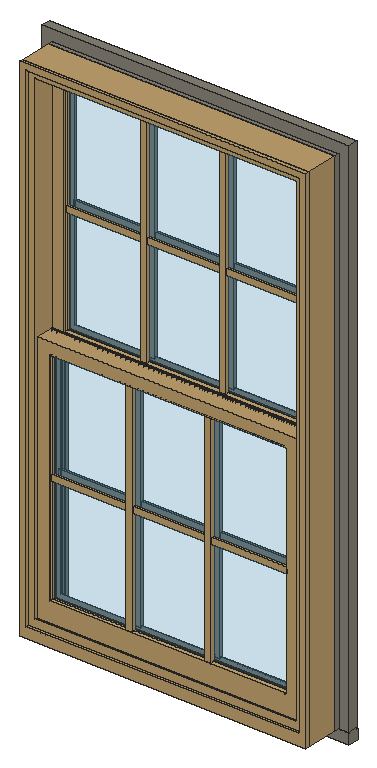
Revit family
Parameters (values of type "CUSH-NG3028")
  Window Type = "Clad Ultimate Single Hung-NG"
  Void Offset_S = if(Subsill A217 Visibility, 0' 1 11/32", if(Subsill A246 Visibility, 0' 0 9/16", 0' 0"))  # 0' - 1 11/32"
  Void Offset = if(Flat Casing Visibility, 0' 3", if(BMC Visibility, 0' 1 5/16", 0' 0"))  # 0' - 1 5/16"
  URL = "www.marvin.com"
  Subsill Height = if(Subsill A217 Visibility, 0' 1 11/32", 0' 0 9/16")  # 0' - 1 11/32"
  Subsill A246 Visibility = and(Subsill Visibility, Subsill A246)  # no
  Subsill A217 Visibility = and(Subsill Visibility, Subsill A217)  # yes
  Rough Width = Width + 0' 1"  # 3' - 0 1/4"
  Rough Height = Height + 0' 0 1/2"  # 5' - 4"
  Prairie Corner Width = 0' - 4"
  Prairie Corner Height = 0' - 4"
  Nominal Width = 3' - 0"
  Nominal Height = 5' - 4"
  Muntins Interior Top Sash = yes
  Muntins Interior Material = Wood-Marvin-Pine
  Muntins Interior Bottom Sash = yes
  Muntins Exterior Top Sash = yes
  Muntins Exterior Material = Aluminum-Marvin-Bronze
  Muntins Exterior Bottom Sash = yes
  Model = "CUSH-NG3028"
  Manufacturer = "Marvin Windows and Doors"
  Lites Wide Top Sash = 3
  Lites Wide Bottom Sash = 3
  Lites High Top Sash = 2
  Lites High Bottom Sash = 2
  Lite Cut Prairie 9 = no
  Lite Cut HV Grid = not(Lite Cut Prairie 9)  # yes
  Interior Material = Wood-Marvin-Pine
  Frame = "Aluminum Clad"
  Flat Casing Visibility = and(Casing Visibility, Flat Casing)  # no
  Egress Window = "Yes"
  Egress Area = Clear Opening Width * Clear Opening Height  # 5.85311 SF
  Clear Opening Width = DLO Width + 0' 2 29/32"  # 2' - 7 21/32"
  Clear Opening Height = if(and(Nominal Width > 4' 6", Nominal Height > 6' 0"), DLO Height - 0' 1 11/16", if(and(Nominal Width > 4' 6", Nominal Height > 3' 4"), DLO Height - 0' 0 3/8", if(Nominal Width > 4' 6", DLO Height - 0' 0 1/8", if(and(Nominal Width > 4' 2", Nominal Height > 6' 8"), DLO Height - 0' 1 11/16", if(and(Nominal Width > 4' 2", Nominal Height > 3' 8"), DLO Height - 0' 0 3/8", if(Nominal Width > 4' 2", DLO Height - 0' 0 1/8", if(and(Nominal Width > 3' 10", Nominal Height > 7' 4"), DLO Height - 0' 1 11/16", if(and(Nominal Width > 3' 10", Nominal Height > 4' 0"), DLO Height - 0' 0 3/8", if(Nominal Width > 3' 10", DLO Height - 0' 0 1/8", if(and(Nominal Width > 3' 6", Nominal Height > 7' 8"), DLO Height - 0' 1 11/16", if(and(Nominal Width > 3' 6", Nominal Height > 4' 8"), DLO Height - 0' 0 3/8", if(Nominal Width > 3' 6", DLO Height - 0' 0 1/8", if(and(Nominal Width > 3' 2", Nominal Height > 7' 8"), DLO Height - 0' 1 11/16", if(and(Nominal Width > 3' 2", Nominal Height > 5' 0"), DLO Height - 0' 0 3/8", if(Nominal Width > 3' 2", DLO Height - 0' 0 1/8", if(and(Nominal Width > 3' 0", Nominal Height > 9' 0"), DLO Height - 0' 1 11/16", if(and(Nominal Width > 3' 0", Nominal Height > 5' 8"), DLO Height - 0' 0 3/8", if(Nominal Width > 3' 0", DLO Height - 0' 0 1/8", if(and(Nominal Width > 2' 10", Nominal Height > 6' 0"), DLO Height - 0' 0 3/8", if(Nominal Width > 2' 10", DLO Height - 0' 0 1/8", if(and(Nominal Width > 2' 8", Nominal Height > 6' 4"), DLO Height - 0' 0 3/8", if(Nominal Width > 2' 8", DLO Height - 0' 0 1/8", if(and(Nominal Width > 2' 6", Nominal Height > 6' 8"), DLO Height - 0' 0 3/8", if(Nominal Width > 2' 6", DLO Height - 0' 0 1/8", if(and(Nominal Width > 2' 2", Nominal Height > 7' 4"), DLO Height - 0' 0 3/8", if(Nominal Width > 2' 2", DLO Height - 0' 0 1/8", if(and(Nominal Width > 1' 10", Nominal Height > 7' 8"), DLO Height - 0' 0 3/8", DLO Height - 0' 0 1/8")))))))))))))))))))))))))))  # 2' - 2 5/8"
  Cladding Material = Aluminum-Marvin-Bronze
  Casing Visibility = yes
  BMC Visibility = and(Casing Visibility, BMC)  # yes
  BMC = yes
  Flat Casing = not(BMC)  # no
  Subsill Visibility = yes
  Subsill A246 = no
  Subsill A217 = not(Subsill A246)  # yes
  Label Visibility = no
  Label Egress = if(and(and(Clear Opening Width > 1' 8", Clear Opening Height > 2' 0"), Egress Area > 5.70 SF), "EGRESS WDW", "")  # "EGRESS WDW"
  Jamb Extension Visibility = yes
  Inset to Installation Flange [instance] = 0' - 1"
  Height = Nominal Height - 0' 0 1/2"  # 5' - 3 1/2"
  Glazing Material = Glass-Marvin-IG Low E II with Argon
  Glass Type = "IG Low E II with Argon"
  Family created by = "www.rbuiltcomponents.com"
  Design Pressure = "DP50"
  Description = "3028 SNGHG"
  Default Head Height = 8' - 0"
  Wall Closure = (empty or 0)
  Width = Nominal Width - 0' 0 3/4"  # 2' - 11 1/4"
  Daylight Area = DLO Width * DLO Height * 2  # 10.6814 SF
  DLO Width = Width - 0' 6 1/2"  # 2' - 4 3/4"
  DLO Height = (Height - 0' 10") / 2  # 2' - 2 3/4"
  Assembly Code = ""
Reference planes (in)
  plane 1 "Center (Front/Back)": y = 0
  plane 2: z = 0
  plane 3 "Center (Left/Right)": x = 0
  plane 4 "Left": x = -17.625
  plane 5 "Right": x = 17.625
  plane 6 "Sill": z = 32.5
  plane 7 "Top": z = 96
  plane 8 "Inset": y = 2
  plane 9 "Glazing 1": y = 1.4375
  plane 10 "Glazing 2": y = -0.8125
  plane 11 "Jamb Ext Face": y = -2.5625
  plane 12: z = 92.78125
  plane 13: x = 14.375
  plane 14: x = -14.375
  plane 15: z = 37.34375
  plane 16: z = 65.0625
  plane 17: z = 66.03125
  plane 18: z = 64.09375
  plane 19: y = -2.59375
  plane 20 "Void Offset": z = 97.3125
  plane 21 "Void Offset Sill": z = 31.15625
  plane 22: x = 18.9375
  plane 23: x = -18.9375
  plane 24: y = 0.46875
  plane 25: y = -1.78125
Forms (in)
  Sweep 1, solid, material "Aluminum-Marvin-Bronze" <- "Cladding Material"
    path origin (0, -0.8125, 0) x (1, 0, 0) y (0, 0, 1)
      loop
        line (17.03125, 32.5) -> (-17.03125, 32.5)
    profile "Clad Sill : Clad Sill" origin (0, -0.8125, 32.5) x (0, 0, -1) y (0, -1, 0)
      loop
        line (0, 0) -> (-1.56284, 0) -> (-0.80316, -3.04687) -> (-0.72218, -3.04687) -> (-0.59375, -3.90625) -> (0, -3.90625) -> (0, 0)
  Sweep 2, solid, material "Aluminum-Marvin-Bronze" <- "Cladding Material"
    path origin (0, 1.4375, 0) x (1, 0, 0) y (0, 0, 1)
      loop
        line (-17.625, 32.5) -> (-17.625, 96) -> (17.625, 96) -> (17.625, 32.5)
    profile "Clad Frame : Clad Frame" origin (-17.625, 1.4375, 64.25) x (-1, 0, 0) y (0, -1, 0)
      loop
        line (0, -1.65625) -> (0, 0) -> (-1.5, 0) -> (-1.5, -0.4375) -> (-1.78125, -0.4375) -> (-1.78125, -0.78125) -> (-0.9375, -0.78125) -> (-0.9375, -1.1875) -> (-0.66381, -1.1875) -> (-0.59375, -1.65625) -> (0, -1.65625)
  Sweep 3, solid, material "Wood-Marvin-Pine" <- "Interior Material"
    path origin (0, -0.8125, 0) x (1, 0, 0) y (0, 0, 1)
      loop
        line (16.125, 32.5) -> (-16.125, 32.5)
    profile "Sill interior : Sill interior" origin (0, -0.8125, 32.5) x (0, 0, -1) y (0, -1, 0)
      loop
        line (0, 0) -> (0, 1.75) -> (-2.22769, 1.75) -> (-2.22769, 1.5) -> (-1.6875, 1.5) -> (-1.6875, 0.5) -> (-1.56284, 0) -> (0, 0)
  Sweep 4, solid, material "Aluminum-Marvin-Bronze" <- "Cladding Material"
    path origin (0, 1.4375, 0) x (1, 0, 0) y (0, 0, 1)
      loop
        line (-14.375, 92.78125) -> (-14.375, 66.03125) -> (14.375, 66.03125) -> (14.375, 92.78125) -> (-14.375, 92.78125)
    profile "Clad Sash : Clad Sash" origin (-14.375, 1.4375, 79.40625) x (1, 0, 0) y (0, -1, 0)
      loop
        line (-1.65625, 0) -> (-1.65625, -0.34375) -> (-0.1875, -0.34375) -> (-0.1875, -0.19262) -> (0, -0.03595) -> (0, 0) -> (-1.65625, 0)
  Sweep 5, solid, material "Wood-Marvin-Pine" <- "Interior Material"
    path origin (0, 1.4375, 0) x (1, 0, 0) y (0, 0, 1)
      loop
        line (-14.375, 66.03125) -> (14.375, 66.03125) -> (14.375, 92.78125) -> (-14.375, 92.78125) -> (-14.375, 66.03125)
    profile "Sash 2 : Sash 2" origin (-14.375, 1.4375, 79.40625) x (-1, 0, 0) y (0, -1, 0)
      loop
        line (1.65625, 1.40625) -> (0.21901, 1.40625) -> (0.21901, 1.33933) -> (0, 1.12032) -> (0, 0.96875) -> (0.75, 0.96875) -> (0.75, 0) -> (1.65625, 0) -> (1.65625, 1.40625)
  Sweep 6, solid, material "Wood-Marvin-Pine" <- "Interior Material"
    path origin (0, -0.8125, 0) x (1, 0, 0) y (0, 0, 1)
      loop
        line (-14.375, 37.34375) -> (14.375, 37.34375) -> (14.375, 64.09375) -> (-14.375, 64.09375) -> (-14.375, 37.34375)
    profile "Sash 2 : Sash 2" origin (-14.375, -0.8125, 50.71875) x (-1, 0, 0) y (0, -1, 0)
      loop
        line (1.65625, 1.40625) -> (0.21901, 1.40625) -> (0.21901, 1.33933) -> (0, 1.12032) -> (0, 0.96875) -> (0.75, 0.96875) -> (0.75, 0) -> (1.65625, 0) -> (1.65625, 1.40625)
  Sweep 7, solid, material "Aluminum-Marvin-Bronze" <- "Cladding Material"
    path origin (0, -0.8125, 0) x (1, 0, 0) y (0, 0, 1)
      loop
        line (-14.375, 37.34375) -> (14.375, 37.34375) -> (14.375, 64.09375) -> (-14.375, 64.09375) -> (-14.375, 37.34375)
    profile "Clad Sash : Clad Sash" origin (-14.375, -0.8125, 50.71875) x (-1, 0, 0) y (0, -1, 0)
      loop
        line (1.65625, 0) -> (0, 0) -> (0, -0.03595) -> (0.1875, -0.19262) -> (0.1875, -0.34375) -> (1.65625, -0.34375) -> (1.65625, 0)
  Sweep 8, solid, material "Aluminum-Marvin-Bronze" <- "Cladding Material"
    path in 3D
      loop
        line (16.03125, -0.46875, 35.6875) -> (-16.03125, -0.46875, 35.6875)
    profile "Clad Sash bottom ext : Clad Sash bottom ext" origin (0, -0.46875, 35.6875) x (0, 1, 0) y (0, 0, -1)
      loop
        line (-0.34375, 1.28125) -> (-0.34375, 0) -> (0, 0) -> (0, 1.62985) -> (-0.25, 1.56752) -> (-0.25, 1.28125) -> (-0.34375, 1.28125)
  Sweep 9, solid, material "Wood-Marvin-Pine" <- "Interior Material"
    path in 3D
      loop
        line (16.03125, -0.8125, 35.6875) -> (-16.03125, -0.8125, 35.6875)
    profile "Sash bottom ext : Sash bottom ext" origin (0, -0.8125, 35.6875) x (0, 1, 0) y (0, 0, -1)
      loop
        line (-1.40625, 1.28125) -> (-1.40625, 0) -> (0, 0) -> (0, 1.28125) -> (-1.40625, 1.28125)
  Sweep 10, solid, material "Aluminum-Marvin-Bronze" <- "Cladding Material"
    path in 3D
      loop
        line (16.03125, 0.03125, 64.375) -> (-16.03125, 0.03125, 64.375)
    profile "Clad Checkrail : Clad Checkrail" origin (0, 0.03125, 64.375) x (0, 1, 0) y (0, 0, -1)
      loop
        line (-0.39063, -0.4375) -> (0, -0.4375) -> (0, 0) -> (1.75, 0) -> (1.75, 0.09375) -> (-0.39063, 0.09375) -> (-0.39063, -0.4375)
  Sweep 11, solid, material "Wood-Marvin-Pine" <- "Interior Material"
    path in 3D
      loop
        line (-16.03125, -0.46875, 65.75) -> (16.03125, -0.46875, 65.75)
    profile "Checkrail Inner : Checkrail Inner" origin (0, -0.46875, 65.75) x (0, 1, 0) y (0, 0, 1)
      loop
        line (0, -0.9375) -> (0.5, -0.9375) -> (0.5, 0.0625) -> (0.375, 0.0625) -> (0.375, 0) -> (0.28125, 0) -> (0.28125, 0.0625) -> (-1.75, 0.0625) -> (-1.75, 0) -> (0, 0) -> (0, -0.9375)
  Extrusion 12, solid, material "Wood-Marvin-Pine" <- "Interior Material"
    sketch origin (0, 1.4375, 0) x (1, 0, 0) y (0, 0, 1)
      loop
        line (17.625, 32.5) -> (17.625, 96) -> (-17.625, 96) -> (-17.625, 32.5) -> (-16.125, 32.5) -> (-16.125, 94.5) -> (16.125, 94.5) -> (16.125, 32.5) -> (17.625, 32.5)
    from 0 to 4
  Extrusion 13, solid, material "Glass-Marvin-IG Low E II with Argon" <- "Glazing Material"
    sketch origin (0, 1.4375, 0) x (1, 0, 0) y (0, 0, 1)
      loop
        line (14.875, 93.28125) -> (-14.875, 93.28125) -> (-14.875, 65.53125) -> (14.875, 65.53125) -> (14.875, 93.28125)
    from 0 to 0.15625
  Extrusion 14, solid, material "Glass-Marvin-IG Low E II with Argon" <- "Glazing Material"
    sketch origin (0, 1.4375, 0) x (1, 0, 0) y (0, 0, 1)
      loop
        line (14.875, 93.28125) -> (-14.875, 93.28125) -> (-14.875, 65.53125) -> (14.875, 65.53125) -> (14.875, 93.28125)
    from 0.8125 to 0.96875
  Extrusion 15, solid, material "Glass-Marvin-IG Low E II with Argon" <- "Glazing Material"
    sketch origin (0, -0.8125, 0) x (1, 0, 0) y (0, 0, 1)
      loop
        line (14.875, 64.59375) -> (-14.875, 64.59375) -> (-14.875, 36.84375) -> (14.875, 36.84375) -> (14.875, 64.59375)
    from 0 to 0.15625
  Extrusion 16, solid, material "Glass-Marvin-IG Low E II with Argon" <- "Glazing Material"
    sketch origin (0, -0.8125, 0) x (1, 0, 0) y (0, 0, 1)
      loop
        line (14.875, 64.59375) -> (-14.875, 64.59375) -> (-14.875, 36.84375) -> (14.875, 36.84375) -> (14.875, 64.59375)
    from 0.8125 to 0.96875
  Extrusion 17, solid, material "Wood-Marvin-Pine" <- "Interior Material", visible <- "Jamb Extension Visibility", detail levels medium+fine
    sketch origin (0, -2.3125, 0) x (1, 0, 0) y (0, 0, 1)
      loop
        line (-17.625, 96) -> (-17.625, 32.5) -> (17.625, 32.5) -> (17.625, 96) -> (-17.625, 96)
      loop
        line (-16.9375, 95.3125) -> (-16.9375, 33.8125) -> (16.9375, 33.8125) -> (16.9375, 95.3125) -> (-16.9375, 95.3125)
    from 0.28125 to 0.6875
  Extrusion 18, solid, material "Aluminum-Marvin-Bronze" <- "Cladding Material"
    sketch origin (0, 1.4375, 0) x (1, 0, 0) y (0, 0, 1)
      loop
        line (16.125, 65.0625) -> (16.07181, 65.0625) -> (16.07181, 33.24956) -> (16.125, 33.24956) -> (16.125, 65.0625)
      loop
        line (-16.125, 65.0625) -> (-16.125, 33.24956) -> (-16.07181, 33.24956) -> (-16.07181, 65.0625) -> (-16.125, 65.0625)
    from 0 to 2.25
  Extrusion 19, void
    sketch origin (0, 0, 32.5) x (0, -1, 0) y (1, 0, 0)
      loop
        line (-2, -17.625) -> (3, -17.625) -> (3, 17.625) -> (-2, 17.625) -> (-2, -17.625)
    from 63.5 to 0
  Extrusion 20, void
    sketch origin (0, 0, 32.5) x (0, -1, 0) y (1, 0, 0)
      loop
        line (-3.125, -18.9375) -> (-2, -18.9375) -> (-2, 18.9375) -> (-3.125, 18.9375) -> (-3.125, -18.9375)
    from 64.8125 to -1.34375
Cuts and joins
  joined: Sweep 1, Sweep 2, Extrusion 18
  joined: Sweep 7, Sweep 8
  joined: Sweep 5, Sweep 6, Sweep 9, Sweep 11
  joined: Sweep 4, Sweep 10
  joined: Sweep 3, Extrusion 12
Lines and regions (in)
  Masking region 1
    outline origin (0, 0, 32.5) x (0, -1, 0) y (1, 0, 0)
      loop
        line (-3.09375, -17.625) -> (2.5625, -17.625) -> (2.5625, 17.625) -> (-3.09375, 17.625) -> (-3.09375, -17.625)
  Masking region 2
    outline origin (0, 0, 0) x (0, 1, 0) y (0, 0, 1)
      loop
        line (3.09375, 96) -> (-2.5625, 96) -> (-2.5625, 32.5) -> (3.09375, 32.5) -> (3.09375, 96)
  Masking region 3, visible <- "Jamb Extension Visibility"
    outline origin (0, 0, 0) x (0, 1, 0) y (0, 0, 1)
      loop
        line (-2.59375, 96) -> (-3, 96) -> (-3, 32.5) -> (-2.59375, 32.5) -> (-2.59375, 96)
  Masking region 4, visible <- "Jamb Extension Visibility"
    outline origin (0, 0, 32.5) x (0, -1, 0) y (1, 0, 0)
      loop
        line (2.59375, -17.625) -> (3, -17.625) -> (3, 17.625) -> (2.59375, 17.625) -> (2.59375, -17.625)
  symbolic lines, style "Jamb Extension", visible <- "Jamb Extension Visibility", detail levels fine
    curve 1: line (-16.9375, -2.59375, 32.5) -> (-16.9375, -3, 32.5)
    curve 2: line (16.9375, -3, 32.5) -> (16.9375, -2.59375, 32.5)
    curve 3: line (0, -2.59375, 95.3125) -> (0, -3, 95.3125)
    curve 4: line (0, -2.59375, 33.816) -> (0, -3, 33.816)
    curve 51: line (-16.9375, -3, 0) -> (-17.625, -3, 0)
    curve 52: line (16.9375, -3, 0) -> (17.625, -3, 0)
    curve 57: line (0, -3, 33.816) -> (0, -3, 32.5)
    curve 58: line (0, -3, 95.3125) -> (0, -3, 96)
  symbolic lines, style "Jamb Extension", detail levels fine
    curve 5: line (0, -2.59375, 95.31314) -> (0, -2.59375, 96)
  symbolic lines, style "WindowsFrameMullionProjection", detail levels coarse+medium
    curve 6: line (-17.625, 3.09375, 32.5) -> (-16.125, 3.09375, 32.5)
    curve 7: line (-16.125, 3.09375, 32.5) -> (-16.125, -2.5625, 32.5)
    curve 8: line (-16.125, -2.5625, 32.5) -> (-17.625, -2.5625, 32.5)
    curve 9: line (17.625, 3.09375, 32.5) -> (16.125, 3.09375, 32.5)
    curve 10: line (16.125, 3.09375, 32.5) -> (16.125, -2.5625, 32.5)
    curve 11: line (16.125, -2.5625, 32.5) -> (17.625, -2.5625, 32.5)
    curve 12: line (-14.375, -0.46875, 32.5) -> (14.38, -0.46875, 32.5)
    curve 13: line (14.38, -0.46875, 32.5) -> (16.125, -0.46875, 32.5)
    curve 14: line (-14.375, -2.21875, 32.5) -> (14.38, -2.21875, 32.5)
    curve 15: line (14.38, -0.46875, 32.5) -> (14.38, -2.21875, 32.5)
    curve 16: line (14.38, -2.21875, 32.5) -> (16.125, -2.21875, 32.5)
    curve 17: line (-14.375, -0.46875, 32.5) -> (-16.125, -0.46875, 32.5)
    curve 18: line (-14.375, -0.46875, 32.5) -> (-14.375, -2.21875, 32.5)
    curve 19: line (-14.375, -2.21875, 32.5) -> (-16.125, -2.21875, 32.5)
    curve 20: line (0, 3.09375, 96) -> (0, 3.09375, 95.31314)
    curve 21: line (0, 3.09375, 95.31314) -> (0, -2.59375, 95.31314)
    curve 22: line (0, -2.5625, 95.31314) -> (0, -2.5625, 96)
    curve 23: line (0, 3.09375, 32.5) -> (0, 3.09375, 33.0889)
    curve 24: line (0, 3.09375, 33.0889) -> (0, -1.3125, 34.1875)
    curve 25: line (0, -2.5625, 34.1875) -> (0, -2.5625, 32.5)
    curve 26: line (0, -1.3125, 34.1875) -> (0, -2.5625, 34.1875)
    curve 27: line (0, -0.46875, 37.34375) -> (0, -0.46875, 64.09375)
    curve 28: line (0, -2.21875, 37.34375) -> (0, -2.21875, 64.09375)
    curve 29: line (0, -0.46875, 33.97713) -> (0, -0.46875, 37.34375)
    curve 30: line (0, -0.46875, 37.34375) -> (0, -2.21875, 37.34375)
    curve 31: line (0, -2.21875, 37.34375) -> (0, -2.21875, 34.1875)
    curve 32: line (0, -0.46875, 64.09375) -> (0, -0.46875, 64.28125)
    curve 33: line (0, -0.1875, 65.8125) -> (0, -2.21875, 65.8125)
    curve 34: line (0, -2.21875, 65.8125) -> (0, -2.21875, 64.09375)
    curve 35: line (0, -0.46875, 64.09375) -> (0, -2.21875, 64.09375)
    curve 37: line (0, 1.78125, 66.03125) -> (0, 1.78125, 92.78125)
    curve 38: line (0, 0.03125, 92.78125) -> (0, 0.03125, 66.03125)
    curve 39: line (0, 1.78125, 95.31314) -> (0, 1.78125, 92.78125)
    curve 40: line (0, 0.03125, 92.78125) -> (0, 0.03125, 95.31314)
    curve 41: line (0, 0.03125, 92.78125) -> (0, 1.78125, 92.78125)
    curve 42: line (0, 1.78125, 66.03125) -> (0, 0.03125, 66.03125)
    curve 43: line (0, 0.03125, 66.03125) -> (0, 0.03125, 65.81224)
    curve 44: line (0, -0.09375, 64.28125) -> (0, 1.78125, 64.28125)
    curve 45: line (0, 1.78125, 64.28125) -> (0, 1.78125, 66.03125)
    curve 47: line (0, -0.09375, 64.28125) -> (0, -0.09375, 65.81224)
    curve 48: line (0, -0.09375, 65.81224) -> (0, 0.03125, 65.81224)
    curve 49: line (0, -0.1875, 64.28125) -> (0, -0.1875, 65.8125)
    curve 50: line (0, -0.1875, 64.28125) -> (0, -0.46875, 64.28125)
    curve 68: line (0, 3.09375, 96) -> (0, -3, 96)
    curve 69: line (0, 3.09375, 32.5) -> (0, -3, 32.5)
    curve 70: line (-17.625, 3.09375, 32.5) -> (-17.625, -2.5625, 32.5)
    curve 71: line (17.625, 3.09375, 32.5) -> (17.625, -2.5625, 32.5)
  symbolic lines, style "WindowsGlassProjection", detail levels coarse+medium
    curve 36: line (0, -1.34375, 64.09375) -> (0, -1.34375, 37.34375)
    curve 46: line (0, 0.90625, 66.03125) -> (0, 0.90625, 92.78125)
    curve 67: line (-14.375, -1.34375, 32.5) -> (14.38, -1.34375, 32.5)
  symbolic lines, style "WindowsFrameMullionProjection", visible <- "Jamb Extension Visibility", detail levels coarse+medium
    curve 53: line (-17.625, -3, 0) -> (-16.9375, -3, 0)
    curve 54: line (-16.9375, -3, 0) -> (-16.9375, -2.59375, 0)
    curve 55: line (17.625, -3, 0) -> (16.9375, -3, 0)
    curve 56: line (16.9375, -3, 0) -> (16.9375, -2.59375, 0)
    curve 59: line (0, -2.59375, 33.8125) -> (0, -3, 33.8125)
    curve 60: line (0, -3, 33.8125) -> (0, -3, 32.5)
    curve 61: line (0, -2.59375, 95.3125) -> (0, -3, 95.3125)
    curve 62: line (0, -3, 95.3125) -> (0, -3, 96)
  sketch lines
    curve 63: line (16.03125, -0.46875, 35.6875) -> (-16.03125, -0.46875, 35.6875)
    curve 64: line (16.03125, -0.8125, 35.6875) -> (-16.03125, -0.8125, 35.6875)
    curve 65: line (-16.03125, -0.46875, 65.75) -> (16.03125, -0.46875, 65.75)
    curve 66: line (16.03125, 0.03125, 64.375) -> (-16.03125, 0.03125, 64.375)
Text (in)
  text "EXTERIOR" at (-58.6888, 50.90694, 0), in view "Ref. Level"
  text "INTERIOR" at (-58.6888, -37.76638, 0), in view "Ref. Level"
  text "Exterior" at (0, 43.65631, 123.19604), in view "Left"
  text "Exterior" at (0, 18.29385, 125.04747), in view "Right"
Dimensions and locks (in)
  equal spacing: plane 4 "Left", plane 3 "Center (Left/Right)", plane 5 "Right"
  "Width": plane 4 "Left" to plane 5 "Right"
  "Height": plane 6 "Sill" to plane 7 "Top"
  "Default Head Height": level to plane 7 "Top"
  "Inset to Installation Flange": host wall to plane 8 "Inset"
  locked: plane 9 "Glazing 1" to plane 8 "Inset" at 0.5625
  locked: plane 10 "Glazing 2" to plane 8 "Inset" at 2.8125
  locked: plane 11 "Jamb Ext Face" to plane 8 "Inset" at 4.5625
  locked: plane 12 to plane 7 "Top" at 3.21875
  locked: plane 6 "Sill" to plane 15 at 4.84375
  locked: plane 4 "Left" to plane 14 at 3.25
  locked: plane 13 to plane 5 "Right" at 3.25
  plane 18 to plane 16 to plane 17 = 0' - 0 31/32" locked, 0' - 0 31/32" locked
  locked: plane 13 to Extrusion 13 sketch curve at 0.5
  locked: Extrusion 13 sketch curve to plane 14 at 0.5
  locked: plane 12 to Extrusion 13 sketch curve at 0.5
  locked: Extrusion 13 sketch curve to plane 17 at 0.5
  locked: plane 13 to Extrusion 15 sketch curve at 0.5
  locked: plane 18 to Extrusion 15 sketch curve at 0.5
  locked: Extrusion 15 sketch curve to plane 15 at 0.5
  locked: Extrusion 15 sketch curve to plane 14 at 0.5
  locked: Sweep 1 sketch curve to plane 5 "Right" at 0.59375
  locked: plane 4 "Left" to Sweep 1 sketch curve at 0.59375
  locked: plane 4 "Left" to Extrusion 17 sketch curve at 0.6875
  locked: plane 7 "Top" to Extrusion 17 sketch curve at 0.6875
  locked: Extrusion 17 sketch curve to plane 6 "Sill" at 1.3125
  locked: Extrusion 17 sketch curve to plane 5 "Right" at 0.6875
  locked: Extrusion 12 sketch curve to plane 5 "Right" at 1.5
  locked: Extrusion 12 sketch curve to plane 4 "Left" at 1.5
  locked: Extrusion 12 sketch curve to plane 7 "Top" at 1.5
  locked: Extrusion 18 sketch curve to Extrusion 18 sketch curve at 0.05319  (x2)
  locked: plane 6 "Sill" to Extrusion 18 sketch curve at 0.74956  (x2)
  locked: nested 3 to host wall at 12
  locked: Extrusion 16 sketch curve to plane 18 at 0.5
  locked: plane 15 to Extrusion 16 sketch curve at 0.5
  locked: Extrusion 16 sketch curve to plane 14 at 0.5
  locked: plane 13 to Extrusion 16 sketch curve at 0.5
  locked: Extrusion 14 sketch curve to plane 12 at 0.5
  locked: plane 17 to Extrusion 14 sketch curve at 0.5
  locked: Extrusion 14 sketch curve to plane 14 at 0.5
  locked: plane 13 to Extrusion 14 sketch curve at 0.5
  locked: plane 19 to plane 11 "Jamb Ext Face" at 0.03125
  "Void Offset": plane 7 "Top" to plane 20 "Void Offset"
  "Void Offset_S": plane 21 "Void Offset Sill" to plane 6 "Sill"
  "Void Offset": plane 23 to plane 4 "Left"
  "Void Offset": plane 5 "Right" to plane 22
  locked: Extrusion 20 sketch curve to host wall at 0.125
  equal spacing: plane 15, plane 16, plane 12
  locked: plane 24 to plane 9 "Glazing 1" at 0.96875
  locked: plane 25 to plane 10 "Glazing 2" at 0.96875
  locked: Extrusion 14 to plane 24 at 0.15625
  locked: plane 9 "Glazing 1" to Extrusion 13 at 0.15625
  locked: plane 10 "Glazing 2" to Extrusion 15 at 0.15625
  locked: Extrusion 16 to plane 25 at 0.15625
  curve 47 to curve 49 to plane 10 "Glazing 2" = 0' - 0 3/32" locked, 0' - 0 5/8" locked
  aligned and locked: nested 1 to plane 3 "Center (Left/Right)"
  aligned and locked: plane 8 "Inset" to nested 1
  aligned and locked: plane 6 "Sill" to Sweep 1 sketch curve
  aligned and locked: plane 4 "Left" to Sweep 2 sketch curve
  aligned and locked: Sweep 2 sketch curve to plane 7 "Top"
  aligned and locked: Sweep 2 sketch curve to plane 5 "Right"
  aligned and locked: plane 6 "Sill" to Sweep 2 sketch curve  (x2)
  aligned and locked: plane 6 "Sill" to Sweep 3 sketch curve
  aligned and locked: Sweep 4 sketch curve to plane 14
  aligned and locked: plane 12 to Sweep 4 sketch curve
  aligned and locked: plane 13 to Sweep 4 sketch curve
  aligned and locked: plane 17 to Sweep 4 sketch curve
  aligned and locked: plane 14 to Sweep 5 sketch curve
  aligned and locked: Sweep 5 sketch curve to plane 12
  aligned and locked: Sweep 5 sketch curve to plane 13
  aligned and locked: Sweep 5 sketch curve to plane 17
  aligned and locked: plane 14 to Sweep 6 sketch curve
  aligned and locked: plane 18 to Sweep 6 sketch curve
  aligned and locked: Sweep 6 sketch curve to plane 13
  aligned and locked: plane 15 to Sweep 6 sketch curve
  aligned and locked: plane 14 to Sweep 7 sketch curve
  aligned and locked: plane 18 to Sweep 7 sketch curve
  aligned and locked: Sweep 7 sketch curve to plane 13
  aligned and locked: plane 15 to Sweep 7 sketch curve
  aligned and locked: plane 5 "Right" to Extrusion 12 sketch curve
  aligned and locked: Extrusion 12 sketch curve to plane 4 "Left"
  aligned and locked: plane 7 "Top" to Extrusion 12 sketch curve
  aligned and locked: plane 11 "Jamb Ext Face" to Extrusion 12
  aligned and locked: Extrusion 17 sketch curve to plane 4 "Left"
  aligned and locked: plane 7 "Top" to Extrusion 17 sketch curve
  aligned and locked: plane 5 "Right" to Extrusion 17 sketch curve
  aligned and locked: Extrusion 17 sketch curve to plane 6 "Sill"
  aligned and locked: host wall to Extrusion 17
  aligned and locked: Masking region 1 sketch curve to plane 4 "Left"
  aligned and locked: plane 5 "Right" to Masking region 1 sketch curve
  aligned and locked: plane 7 "Top" to Masking region 2 sketch curve
  aligned and locked: Masking region 2 sketch curve to plane 6 "Sill"
  aligned and locked: Extrusion 17 to curve 5
  aligned and locked: plane 6 "Sill" to nested 2
  aligned and locked: curve 44 to curve 50
  aligned and locked: plane 10 "Glazing 2" to Extrusion 18
  aligned and locked: Extrusion 12 sketch curve to plane 6 "Sill"  (x2)
  aligned and locked: Extrusion 12 to plane 9 "Glazing 1"
  aligned and locked: cut or joined group of Sweep 1, Sweep 2, Extrusion 18 to plane 9 "Glazing 1"
  aligned and locked: plane 11 "Jamb Ext Face" to curve 11
  aligned and locked: plane 14 to curve 18
  aligned and locked: host wall to curve 1
  aligned and locked: host wall to curve 2
  aligned and locked: curve 8 to plane 11 "Jamb Ext Face"
  aligned and locked: plane 4 "Left" to curve 53
  aligned and locked: host wall to curve 53
  aligned and locked: plane 5 "Right" to curve 55
  aligned and locked: curve 55 to host wall
  aligned and locked: host wall to curve 4
  aligned and locked: plane 6 "Sill" to curve 57
  aligned and locked: curve 60 to host wall
  aligned and locked: plane 7 "Top" to curve 58
  aligned and locked: host wall to curve 58
  aligned and locked: plane 7 "Top" to curve 22
  aligned and locked: plane 11 "Jamb Ext Face" to curve 22
  aligned and locked: plane 3 "Center (Left/Right)" to nested 3
  aligned and locked: Extrusion 15 to plane 10 "Glazing 2"
  aligned and locked: Extrusion 13 to plane 9 "Glazing 1"
  aligned and locked: Extrusion 17 to curve 3
  aligned and locked: Extrusion 17 to curve 1
  aligned and locked: Extrusion 17 to curve 54
  aligned and locked: Extrusion 17 to curve 2
  aligned and locked: Extrusion 17 to curve 56
  aligned and locked: curve 25 to plane 11 "Jamb Ext Face"
  aligned and locked: Extrusion 17 to curve 4
  aligned and locked: Extrusion 17 to curve 59
  aligned and locked: Extrusion 17 to plane 19
  aligned and locked: Masking region 2 sketch curve to plane 11 "Jamb Ext Face"
  aligned and locked: plane 7 "Top" to Masking region 3 sketch curve
  aligned and locked: Masking region 3 sketch curve to plane 6 "Sill"
  aligned and locked: plane 19 to Masking region 3 sketch curve
  aligned and locked: Masking region 3 sketch curve to host wall
  aligned and locked: Extrusion 17 to curve 61
  aligned and locked: Masking region 1 sketch curve to plane 11 "Jamb Ext Face"
  aligned and locked: Masking region 4 sketch curve to plane 4 "Left"
  aligned and locked: plane 5 "Right" to Masking region 4 sketch curve
  aligned and locked: plane 19 to Masking region 4 sketch curve
  aligned and locked: Masking region 4 sketch curve to host wall
  aligned and locked: Extrusion 19 sketch curve to host wall
  aligned and locked: Extrusion 19 sketch curve to plane 4 "Left"
  aligned and locked: plane 5 "Right" to Extrusion 19 sketch curve
  aligned and locked: plane 8 "Inset" to Extrusion 19 sketch curve
  aligned and locked: Extrusion 19 to plane 7 "Top"
  aligned and locked: plane 6 "Sill" to Extrusion 19
  aligned and locked: Extrusion 20 sketch curve to plane 23
  aligned and locked: plane 22 to Extrusion 20 sketch curve
  aligned and locked: Extrusion 20 sketch curve to plane 8 "Inset"
  aligned and locked: Extrusion 20 to plane 20 "Void Offset"
  aligned and locked: plane 21 "Void Offset Sill" to Extrusion 20
  aligned and locked: plane 3 "Center (Left/Right)" to nested 4
  aligned and locked: plane 8 "Inset" to nested 4
  aligned and locked: nested 4 to plane 6 "Sill"
  aligned and locked: Extrusion 18 sketch curve to plane 16
  aligned and locked: plane 16 to Extrusion 18 sketch curve
  aligned and locked: nested 6 to plane 18
  aligned and locked: plane 12 to nested 7
  aligned and locked: plane 12 to nested 8
  aligned and locked: nested 5 to plane 18
  aligned and locked: curve 26 to Sweep 3
  aligned and locked: curve 33 to nested 2
  aligned and locked: nested 2 to curve 44
  aligned and locked: curve 48 to nested 2
  aligned and locked: curve 21 to nested 2
  aligned and locked: plane 24 to Extrusion 14
  aligned and locked: plane 25 to Extrusion 16
  aligned and locked: curve 7 to nested 1
  aligned and locked: curve 17 to nested 1
  aligned and locked: curve 19 to nested 1
  aligned and locked: curve 10 to nested 1
  aligned and locked: curve 6 to nested 1
  aligned and locked: curve 9 to nested 1
  aligned and locked: curve 1 to Extrusion 17
  aligned and locked: curve 54 to Extrusion 17
  aligned and locked: curve 2 to Extrusion 17
  aligned and locked: curve 56 to Extrusion 17
  aligned and locked: Masking region 1 sketch curve to cut or joined group of Sweep 1, Sweep 2, Extrusion 18
  aligned and locked: Masking region 2 sketch curve to cut or joined group of Sweep 1, Sweep 2, Extrusion 18
  aligned and locked: curve 20 to cut or joined group of Sweep 1, Sweep 2, Extrusion 18
  aligned and locked: curve 23 to cut or joined group of Sweep 1, Sweep 2, Extrusion 18
  aligned and locked: curve 43 to cut or joined group of Sweep 5, Sweep 6, Sweep 9, Sweep 11
  aligned and locked: nested 2 to plane 8 "Inset"
  aligned and locked: plane 6 "Sill" to curve 69
  aligned and locked: plane 4 "Left" to curve 70
  aligned and locked: plane 5 "Right" to curve 71
  aligned and locked: plane 9 "Glazing 1" to nested 7
  aligned and locked: nested 8 to plane 24
  aligned and locked: plane 10 "Glazing 2" to nested 6
  aligned and locked: nested 5 to plane 25
Automatic sketch dimensions
  Sweep 3 sketch curve to plane 4 "Left" = 0' - 1 1/2"
  Extrusion 18 sketch curve to plane 4 "Left" = 0' - 1.55319"
  plane 5 "Right" to Sweep 3 sketch curve = 0' - 1 1/2"
  plane 5 "Right" to Extrusion 18 sketch curve = 0' - 1.55319"
  curve 51 to plane 4 "Left" = 0' - 0"
  curve 52 to plane 5 "Right" = 0' - 0"
  curve 67 to plane 25 = 0' - 0 7/16"
  curve 12 to plane 13 = 0' - 0.005"
  curve 30 to plane 15 = 0' - 0"
  curve 28 to plane 18 = 0' - 0"
  curve 46 to plane 17 = 0' - 0"
  curve 46 to plane 12 = 0' - 0"
  curve 30 to plane 11 "Jamb Ext Face" = 0' - 0 11/32"
  curve 36 to plane 25 = 0' - 0 7/16"
  curve 24 to plane 25 = 0' - 0 15/32"
  curve 35 to curve 49 = 0' - 0 9/32"
  curve 46 to plane 24 = 0' - 0 7/16"
  plane 8 "Inset" to curve 45 = 0' - 0 7/32"
  curve 23 to plane 6 "Sill" = 0' - 0.5889"
  curve 60 to curve 25 = 0' - 0 3/8"
  curve 59 to curve 4 = 0' - 0.0035"
  plane 18 to curve 47 = 0' - 0 3/16"
  curve 48 to plane 17 = 0' - 0.21901"
  curve 47 to curve 33 = 0' - 0.00026"
  curve 3 to curve 22 = 0' - 0.00064"
Nested families (in)
  nested 1: "Double_Hung_Plan_Detail" at (0, 2, 32.5) x (-1, 0, 0) z (0, 0, -1), type "Double_Hung_Plan_Detail", detail levels fine
    with Width 2' - 11 1/4"
  nested 2: "Double_Hung_Section_Detail" at (0, 2, 64.25) x (0, 1, 0) z (1, 0, 0), type "Double_Hung_Section_Detail", detail levels fine
  nested 3: "Label Annotation 1-16 w" at (0, 15, 0), visible <- "Label Visibility", type "Label Annotation 1-16 w"
  nested 4: "Casing_Clad" at (0, 2, 32.5), type "Casing_Clad"
    with Width 2' - 11 1/4", Height 5' - 3 1/2"
  nested 5: "Muntins" at (0, -1.78125, 1.34375) x (-1, 0, 0) z (0, 0, 1), Muntin Material <- "Muntins Interior Material", visible <- "Muntins Interior Bottom Sash", type "Muntins 2"
    with MuntinDepth 0' - 0 5/16", Muntin Material Wood-Marvin-Pine, GlazingWidth 2' - 4 3/4", GlazingHeight 2' - 2 3/4", Width 2' - 5 3/16", LitesVertical 2, HorizMuntVisible no, Height 2' - 3 3/16", Inset Vert 0' - 9.35417", Inset Horiz 0' - 8 11/16", CenterMuntinHorizontal yes
  nested 6: "Muntins" at (0, -0.8125, 1.34375), Muntin Material <- "Muntins Exterior Material", visible <- "Muntins Exterior Bottom Sash", type "Muntins 2"
    with MuntinDepth 0' - 0 5/16", Muntin Material Aluminum-Marvin-Bronze, GlazingWidth 2' - 4 3/4", GlazingHeight 2' - 2 3/4", Width 2' - 5 3/16", LitesVertical 2, HorizMuntVisible no, Height 2' - 3 3/16", Inset Vert 0' - 9.35417", Inset Horiz 0' - 8 11/16", CenterMuntinHorizontal yes
  nested 7: "Muntins" at (0, 1.4375, 30.03125), Muntin Material <- "Muntins Exterior Material", visible <- "Muntins Exterior Top Sash", type "Muntins"
    with MuntinDepth 0' - 0 5/16", Muntin Material Aluminum-Marvin-Bronze, GlazingWidth 2' - 4 3/4", GlazingHeight 2' - 2 3/4", Width 2' - 5 3/16", LitesVertical 2, HorizMuntVisible no, Height 2' - 3 3/16", Inset Vert 0' - 9.35417", Inset Horiz 0' - 8 11/16", CenterMuntinHorizontal yes
  nested 8: "Muntins" at (0, 0.46875, 30.03125) x (-1, 0, 0) z (0, 0, 1), Muntin Material <- "Muntins Interior Material", visible <- "Muntins Interior Top Sash", type "Muntins"
    with MuntinDepth 0' - 0 5/16", Muntin Material Wood-Marvin-Pine, GlazingWidth 2' - 4 3/4", GlazingHeight 2' - 2 3/4", Width 2' - 5 3/16", LitesVertical 2, HorizMuntVisible no, Height 2' - 3 3/16", Inset Vert 0' - 9.35417", Inset Horiz 0' - 8 11/16", CenterMuntinHorizontal yes
Definition of nested family "Casing_Clad"
  Parameters (values of type "Casing_Clad")
    Width = 16' - 0"
    Subsill Visibility = yes
    Subsill Offset = if(Flat Casing Visibility, 0' 3", if(BMC Visibility, 0' 1 5/16", 0' 0"))  # 0' - 1 5/16"
    Subsill Height = 0' - 1 11/32"
    Height = 12' - 0"
    Flat Casing Visibility = no
    Cladding Finish = Aluminum-Marvin-Bronze
    Casing Offset = if(BMC Visibility, 0' 0 3/16", 0' 0")  # 0' - 0 3/16"
    BMC Visibility = yes
    Assembly Code = ""
  Reference planes (in)
    plane 1 "Center (Front/Back)": y = 0
    plane 2: z = 0
    plane 3 "Center (Left/Right)": x = 0
    plane 4: z = 144
    plane 5: x = -96
    plane 6: x = 96
    plane 7 "Subsill": z = -1.34375
    plane 8 "Offset S": z = -0.1875
  Forms (in)
    Sweep 1, solid, material "Aluminum-Marvin-Bronze" <- "Cladding Finish", visible <- "BMC Visibility"
      path origin (0, 0, 0) x (1, 0, 0) y (0, 0, 1)
        loop
          line (-96, -0.1875) -> (-96, 144) -> (96, 144) -> (96, -0.1875)
      profile "BMC_Clad : BMC_Clad" origin (96, 0, 71.90625) x (1, 0, 0) y (0, -1, 0)
        loop
          line (0.71589, -1.25) -> (1.3125, -1.25) -> (1.3125, 0) -> (0, 0) -> (0, -1.09375) -> (0.38081, -1.09375) -> (0.71589, -1.25)
    Sweep 2, solid, material "Aluminum-Marvin-Bronze" <- "Cladding Finish", visible <- "Flat Casing Visibility"
      path origin (0, 0, 0) x (1, 0, 0) y (0, 0, 1)
        loop
          line (-96, 0) -> (-96, 144) -> (96, 144) -> (96, 0)
      profile "Flat_Casing_Clad : Flat_Casing_Clad" origin (96, 0, 72) x (1, 0, 0) y (0, -1, 0)
        loop
          line (3, -1.09375) -> (3, 0) -> (0, 0) -> (0, -1.09375) -> (3, -1.09375)
    Sweep 3, solid, material "Aluminum-Marvin-Bronze" <- "Cladding Finish", visible <- "Subsill Visibility"
      path origin (0, 0, 0) x (1, 0, 0) y (0, 0, 1)
        loop
          line (-97.3125, 0) -> (97.3125, 0)
      profile origin (0, 0, 0) x (0, 0, 1) y (0, -1, 0)
        loop
          line (0, 0) -> (-1.34375, 0) -> (-1.34375, -1.34375) -> (-0.1875, -1.34375) -> (-0.15265, -1.09401) -> (0, -1.09401) -> (0, 0)
  Lines and regions (in)
    Masking region 1, visible <- "Flat Casing Visibility"
      outline origin (0, 0, 0) x (1, 0, 0) y (0, 1, 0)
        loop
          line (-96, 0) -> (-96, 1.09375) -> (-99, 1.09375) -> (-99, 0) -> (-96, 0)
    Masking region 2, visible <- "Flat Casing Visibility"
      outline origin (0, 0, 0) x (0, 1, 0) y (-1, 0, 0)
        loop
          line (0, -96) -> (0, -99) -> (1.09375, -99) -> (1.09375, -96) -> (0, -96)
    Masking region 3, visible <- "BMC Visibility"
      outline origin (0, 0, 0) x (1, 0, 0) y (0, 1, 0)
        loop
          line (96, 1.09375) -> (96, 0) -> (97.3125, 0) -> (97.3125, 1.25) -> (96.71589, 1.25) -> (96.38081, 1.09375) -> (96, 1.09375)
    Masking region 4, visible <- "BMC Visibility"
      outline origin (0, 0, 0) x (0, 1, 0) y (-1, 0, 0)
        loop
          line (1.09375, 96) -> (1.09375, 96.38081) -> (1.25, 96.71589) -> (1.25, 97.3125) -> (0, 97.3125) -> (0, 96) -> (1.09375, 96)
    Masking region 5, visible <- "Flat Casing Visibility"
      outline origin (0, 0, 0) x (0, 1, 0) y (0, 0, 1)
        loop
          line (1.09375, 147) -> (0, 147) -> (0, 144) -> (1.09375, 144) -> (1.09375, 147)
    Masking region 6, visible <- "BMC Visibility"
      outline origin (0, 0, 0) x (0, 1, 0) y (0, 0, 1)
        loop
          line (1.25, 145.3125) -> (0, 145.3125) -> (0, 144) -> (1.09375, 144) -> (1.09375, 144.38081) -> (1.25, 144.71589) -> (1.25, 145.3125)
    Masking region 7, visible <- "Subsill Visibility"
      outline origin (0, 0, 0) x (0, 1, 0) y (0, 0, 1)
        loop
          line (1.34375, -0.1875) -> (1.09401, -0.15265) -> (1.09401, 0) -> (0, 0) -> (0, -1.34375) -> (1.34375, -1.34375) -> (1.34375, -0.1875)
    symbolic lines, style "Frame/Mullion", visible <- "BMC Visibility", detail levels coarse+medium
      curve 1: line (-96.71589, 1.25, 0) -> (-97.3125, 1.25, 0)
      curve 2: line (-96.38081, 1.09375, 0) -> (-96.71589, 1.25, 0)
      curve 3: line (-96, 1.09375, 0) -> (-96.38081, 1.09375, 0)
      curve 4: line (-97.3125, 1.25, 0) -> (-97.3125, 0, 0)
      curve 9: line (97.3125, 0, 0) -> (97.3125, 1.25, 0)
      curve 10: line (97.3125, 1.25, 0) -> (96.71589, 1.25, 0)
      curve 11: line (96.71589, 1.25, 0) -> (96.38081, 1.09375, 0)
      curve 12: line (96.38081, 1.09375, 0) -> (96, 1.09375, 0)
      curve 19: line (0, 1.25, 145.3125) -> (0, 0, 145.3125)
      curve 20: line (0, 1.25, 144.71589) -> (0, 1.25, 145.3125)
      curve 21: line (0, 1.09375, 144.38081) -> (0, 1.25, 144.71589)
      curve 22: line (0, 1.09375, 144) -> (0, 1.09375, 144.38081)
    symbolic lines, style "Frame/Mullion", visible <- "Flat Casing Visibility", detail levels coarse+medium
      curve 5: line (-99, 1.09375, 0) -> (-99, 0, 0)
      curve 6: line (-96, 1.09375, 0) -> (-99, 1.09375, 0)
      curve 7: line (99, 0, 0) -> (99, 1.09375, 0)
      curve 8: line (99, 1.09375, 0) -> (96, 1.09375, 0)
      curve 17: line (0, 1.09375, 147) -> (0, 0, 147)
      curve 18: line (0, 1.09375, 144) -> (0, 1.09375, 147)
    symbolic lines, style "Frame/Mullion", visible <- "Subsill Visibility", detail levels coarse+medium
      curve 13: line (0, 1.09401, -0.15265) -> (0, 1.09401, 0)
      curve 14: line (0, 1.34375, -0.1875) -> (0, 1.09401, -0.15265)
      curve 15: line (0, 1.34375, -1.34375) -> (0, 1.34375, -0.1875)
      curve 16: line (0, 0, -1.34375) -> (0, 1.34375, -1.34375)
  Dimensions and locks (in)
    "Width": plane 6 to plane 5
    equal spacing: plane 6, plane 3 "Center (Left/Right)", plane 5
    "Height": plane 4 to plane 2
    "Casing Offset": level to plane 8 "Offset S"
    "Subsill Height": level to plane 7 "Subsill"
    locked: Sweep 3 sketch curve to Sweep 3 sketch curve at 1.34375
    locked: Sweep 3 sketch curve to profile plane at 0.1875
    "Subsill Offset": plane 5 to Sweep 3 sketch curve
    "Subsill Offset": Sweep 3 sketch curve to plane 6
    locked: curve 17 to plane 4 at 3
    locked: curve 18 to plane 1 "Center (Front/Back)" at 1.09375
    locked: curve 19 to plane 4 at 1.3125
    curve 21 to curve 22 to plane 4 = 0' - 0.33508" locked, 0' - 0.38081" locked
    locked: curve 20 to plane 1 "Center (Front/Back)" at 1.25
    aligned and locked: plane 4 to Sweep 1 sketch curve
    aligned and locked: plane 5 to Sweep 1 sketch curve
    aligned and locked: plane 4 to Sweep 2 sketch curve
    aligned and locked: plane 5 to Sweep 2 sketch curve
    aligned and locked: Masking region 1 sketch curve to Sweep 1
    aligned and locked: Masking region 1 sketch curve to plane 1 "Center (Front/Back)"
    aligned and locked: Sweep 2 to Masking region 1 sketch curve
    aligned and locked: Masking region 1 sketch curve to Sweep 2
    aligned and locked: Masking region 2 sketch curve to Sweep 2  (x3)
    aligned and locked: Sweep 2 to Masking region 2 sketch curve
    aligned and locked: Masking region 3 sketch curve to Sweep 2
    aligned and locked: Masking region 3 sketch curve to Sweep 1  (x4)
    aligned and locked: Sweep 1 to Masking region 3 sketch curve
    aligned and locked: Masking region 4 sketch curve to Sweep 2
    aligned and locked: Masking region 4 sketch curve to Sweep 1  (x5)
    aligned and locked: Masking region 5 sketch curve to Sweep 2  (x2)
    aligned and locked: Sweep 1 to Masking region 5 sketch curve
    aligned and locked: Masking region 5 sketch curve to Sweep 1
    aligned and locked: Masking region 6 sketch curve to Sweep 1  (x6)
    aligned and locked: Masking region 2 to curve 8
    aligned and locked: Masking region 3 to curve 10
    aligned and locked: Masking region 3 to curve 12
    aligned and locked: Sweep 2 sketch curve to plane 6
    aligned and locked: Sweep 1 sketch curve to plane 6
    aligned and locked: curve 5 to Sweep 2
    aligned and locked: curve 4 to Sweep 1
    aligned and locked: Sweep 1 to curve 1
    aligned and locked: curve 2 to Sweep 1
    aligned and locked: Sweep 1 to curve 3
    aligned and locked: curve 7 to Sweep 2
    aligned and locked: curve 9 to Sweep 1
    aligned and locked: curve 11 to Sweep 1
    aligned and locked: plane 8 "Offset S" to Sweep 1 sketch curve  (x2)
    aligned and locked: Sweep 3 sketch curve to plane 2
    aligned and locked: plane 7 "Subsill" to Sweep 3 sketch curve
    aligned and locked: plane 2 to Sweep 2 sketch curve  (x2)
    aligned and locked: Masking region 7 sketch curve to Sweep 3  (x5)
    aligned and locked: Masking region 7 sketch curve to Sweep 2
    aligned and locked: curve 13 to Sweep 3
    aligned and locked: curve 14 to Sweep 3
    aligned and locked: curve 15 to Sweep 3
    aligned and locked: curve 16 to Sweep 3
    aligned and locked: Masking region 6 to curve 22
  Automatic sketch dimensions
    curve 4 to plane 1 "Center (Front/Back)" = 0' - 0"
    curve 5 to plane 1 "Center (Front/Back)" = 0' - 0"
    curve 7 to plane 1 "Center (Front/Back)" = 0' - 0"
    curve 9 to plane 1 "Center (Front/Back)" = 0' - 0"
    plane 5 to curve 6 = 0' - 0"
    curve 12 to plane 6 = 0' - 0"
    Sweep 3 sketch curve to Sweep 3 sketch curve = 0' - 0.03485"
    Sweep 3 sketch curve to Sweep 3 sketch curve = 0' - 0.15265"
    Sweep 3 sketch curve to plane 1 "Center (Front/Back)" = 0' - 1 11/32"
    Sweep 3 sketch curve to Sweep 3 sketch curve = 0' - 0.24974"
    curve 13 to level = 0' - 0"
    curve 16 to plane 1 "Center (Front/Back)" = 0' - 0"
    curve 17 to plane 1 "Center (Front/Back)" = 0' - 0"
    curve 19 to plane 1 "Center (Front/Back)" = 0' - 0"
    plane 4 to curve 22 = 0' - 0"
    curve 18 to curve 22 = 0' - 0"
Definition of nested family "Muntins"
  Parameters (values of type "Muntins")
    PrairieMuntVisible = no
    Prairie Corner Width = 0' - 4"
    Prairie Corner Height = 0' - 4"
    Muntin Extension = 0' - 0 7/16"
    GridMuntVisible = yes
    GlazingWidth = 2' - 0"
    GlazingHeight = 2' - 11 1/8"
    Width = GlazingWidth + Muntin Extension  # 2' - 0 7/16"
    VerticalMuntins = if(LitesHorizontal < 3, 2, LitesHorizontal - 1)  # 2
    VertMuntVisible = and(GridMuntVisible, LitesHorizontal > 2)  # yes
    MuntinWidth = 0' - 0 3/4"
    MuntinDepth [instance] = 0' - 0 3/8"
    Muntin Material [instance] = none
    LitesVertical = 3
    LitesHorizontal = 3
    HorizontalMuntins = if(LitesVertical < 3, 2, LitesVertical - 1)  # 2
    HorizMuntVisible = and(GridMuntVisible, LitesVertical > 2)  # yes
    Height = GlazingHeight + Muntin Extension  # 2' - 11 9/16"
    Inset Vert = if(LitesHorizontal < 3, (Width / 3) - (MuntinWidth / 2), (Width / LitesHorizontal) - (MuntinWidth / 2))  # 0' - 7.77083"
    Inset Horiz = if(LitesVertical < 3, (Height / 3) - (MuntinWidth / 2), (Height / LitesVertical) - (MuntinWidth / 2))  # 0' - 11.47917"
    CenterMuntinVertical = and(GridMuntVisible, LitesHorizontal = 2)  # no
    CenterMuntinHorizontal = and(GridMuntVisible, LitesVertical = 2)  # no
    Assembly Code = ""
  Reference planes (in)
    plane 1 "Center (Front/Back)": y = 0
    plane 2: z = 0
    plane 3 "Center (Left/Right)": x = 0
    plane 4: z = 35.78125
    plane 5: z = 53.5625
    plane 6: z = 71.34375
    plane 7: z = 59.86458
    plane 8: z = 47.26042
    plane 9: z = 71.125
    plane 10: z = 36
    plane 11: x = -12
    plane 12: x = 12
    plane 13: x = -4.44792
    plane 14: x = -12.21875
    plane 15: x = 12.21875
    plane 16: x = 4.44792
    plane 17: z = 67.125
    plane 18: z = 40
    plane 19: x = -8
    plane 20: x = 8
  Forms (in)
    Extrusion 1, solid, material <- "Muntin Material", visible <- "CenterMuntinVertical", detail levels medium+fine
      sketch origin (9, 0, 0) x (1, 0, 0) y (0, 0, 1)
        loop
          line (-9.375, 71.34375) -> (-9.375, 35.78125) -> (-8.625, 35.78125) -> (-8.625, 71.34375) -> (-9.375, 71.34375)
      from 0 to 0.375 <- "MuntinDepth"
    Extrusion 2, solid, material <- "Muntin Material", visible <- "CenterMuntinHorizontal", detail levels medium+fine
      sketch origin (-0.0013, 0, 14.6875) x (1, 0, 0) y (0, 0, 1)
        loop
          line (-12.21745, 39.25) -> (-12.21745, 38.5) -> (12.22005, 38.5) -> (12.22005, 39.25) -> (-12.21745, 39.25)
      from 0 to 0.375 <- "MuntinDepth"
    Extrusion 3, solid, material <- "Muntin Material", visible <- "VertMuntVisible", detail levels medium+fine
      sketch origin (4.92708, 0, -2.90625) x (1, 0, 0) y (0, 0, 1)
        loop
          line (-9.375, 74.25) -> (-9.375, 38.6875) -> (-8.625, 38.6875) -> (-8.625, 74.25) -> (-9.375, 74.25)
      from 0 to 0.375 <- "MuntinDepth"
    Extrusion 4, solid, material <- "Muntin Material", visible <- "HorizMuntVisible", detail levels medium+fine
      sketch origin (-3.09635, 0, 14.17708) x (1, 0, 0) y (0, 0, 1)
        loop
          line (-9.1224, 45.6875) -> (-9.1224, 44.9375) -> (15.3151, 44.9375) -> (15.3151, 45.6875) -> (-9.1224, 45.6875)
      from 0 to 0.375 <- "MuntinDepth"
    Extrusion 5, solid, material <- "Muntin Material", visible <- "HorizMuntVisible", detail levels medium+fine
      sketch origin (-3.09635, 0, 2.32292) x (1, 0, 0) y (0, 0, 1)
        loop
          line (-9.1224, 45.6875) -> (-9.1224, 44.9375) -> (15.3151, 44.9375) -> (15.3151, 45.6875) -> (-9.1224, 45.6875)
      from 0 to 0.375 <- "MuntinDepth"
    Extrusion 6, solid, material <- "Muntin Material", visible <- "VertMuntVisible", detail levels medium+fine
      sketch origin (13.07292, 0, -2.90625) x (1, 0, 0) y (0, 0, 1)
        loop
          line (-9.375, 74.25) -> (-9.375, 38.6875) -> (-8.625, 38.6875) -> (-8.625, 74.25) -> (-9.375, 74.25)
      from 0 to 0.375 <- "MuntinDepth"
    Extrusion 7, solid, material <- "Muntin Material", visible <- "PrairieMuntVisible", detail levels medium+fine
      sketch origin (1, 0, 0) x (1, 0, 0) y (0, 0, 1)
        loop
          line (-9, 71.34375) -> (-9, 35.78125) -> (-8.25, 35.78125) -> (-8.25, 71.34375) -> (-9, 71.34375)
      from 0 to 0.375 <- "MuntinDepth"
    Extrusion 8, solid, material <- "Muntin Material", visible <- "PrairieMuntVisible", detail levels medium+fine
      sketch origin (17, 0, 0) x (1, 0, 0) y (0, 0, 1)
        loop
          line (-9.75, 71.34375) -> (-9.75, 35.78125) -> (-9, 35.78125) -> (-9, 71.34375) -> (-9.75, 71.34375)
      from 0 to 0.375 <- "MuntinDepth"
    Extrusion 9, solid, material <- "Muntin Material", visible <- "PrairieMuntVisible", detail levels medium+fine
      sketch origin (-0.0013, 0, 28.25) x (1, 0, 0) y (0, 0, 1)
        loop
          line (-12.21745, 38.875) -> (-12.21745, 38.125) -> (12.22005, 38.125) -> (12.22005, 38.875) -> (-12.21745, 38.875)
      from 0 to 0.375 <- "MuntinDepth"
    Extrusion 10, solid, material <- "Muntin Material", visible <- "PrairieMuntVisible", detail levels medium+fine
      sketch origin (-0.0013, 0, 1.125) x (1, 0, 0) y (0, 0, 1)
        loop
          line (-12.21745, 39.625) -> (-12.21745, 38.875) -> (12.22005, 38.875) -> (12.22005, 39.625) -> (-12.21745, 39.625)
      from 0 to 0.375 <- "MuntinDepth"
  Cuts and joins
    joined: Extrusion 7, Extrusion 8, Extrusion 9, Extrusion 10
  Lines and regions (in)
    model lines, style "Muntins", visible <- "CenterMuntinHorizontal", detail levels coarse
      curve 1: line (-12.21875, 0, 53.5625) -> (12.21875, 0, 53.5625)
    model lines, style "Muntins", visible <- "HorizMuntVisible", detail levels coarse
      curve 2: line (-12.21875, 0, 59.48958) -> (12.21875, 0, 59.48958)
      curve 3: line (-12.21875, 0, 47.63542) -> (12.21875, 0, 47.63542)
    model lines, style "Muntins", visible <- "CenterMuntinVertical", detail levels coarse
      curve 4: line (0, 0, 71.34375) -> (0, 0, 35.78125)
    model lines, style "Muntins", visible <- "VertMuntVisible", detail levels coarse
      curve 5: line (-4.07292, 0, 71.34375) -> (-4.07292, 0, 35.78125)
      curve 6: line (4.07292, 0, 71.34375) -> (4.07292, 0, 35.78125)
    model lines, style "Muntins", visible <- "PrairieMuntVisible", detail levels coarse
      curve 7: line (-12.21875, 0, 66.75) -> (12.21875, 0, 66.75)
      curve 8: line (-12.21875, 0, 40.375) -> (12.21875, 0, 40.375)
      curve 9: line (-7.625, 0, 35.78125) -> (-7.625, 0, 71.34375)
      curve 10: line (7.625, 0, 35.78125) -> (7.625, 0, 71.34375)
  Dimensions and locks (in)
    "Inset Horiz": plane 6 to plane 7
    "Inset Horiz": plane 8 to plane 4
    equal spacing: plane 6, plane 5, plane 4
    "Height": plane 6 to plane 4
    "GlazingHeight": plane 9 to plane 10
    equal spacing: plane 9, plane 5, plane 10
    "GlazingWidth": plane 12 to plane 11
    equal spacing: plane 12, plane 3 "Center (Left/Right)", plane 11
    "MuntinWidth": Extrusion 1 sketch curve to Extrusion 1 sketch curve
    "Height": Extrusion 1 sketch curve to Extrusion 1 sketch curve
    "MuntinWidth": Extrusion 2 sketch curve to Extrusion 2 sketch curve
    "Width": Extrusion 2 sketch curve to Extrusion 2 sketch curve
    "MuntinWidth": Extrusion 3 sketch curve to Extrusion 3 sketch curve
    "Height": Extrusion 3 sketch curve to Extrusion 3 sketch curve
    "Width": plane 15 to plane 14
    equal spacing: plane 15, plane 3 "Center (Left/Right)", plane 14
    "Inset Vert": plane 13 to plane 14
    "Inset Vert": plane 15 to plane 16
    "MuntinWidth": Extrusion 4 sketch curve to Extrusion 4 sketch curve
    "Width": Extrusion 4 sketch curve to Extrusion 4 sketch curve
    "MuntinWidth": Extrusion 5 sketch curve to Extrusion 5 sketch curve
    "Width": Extrusion 5 sketch curve to Extrusion 5 sketch curve
    group 2 to group 3 = 0' - 0"  (x2)
    group 3 to group 2 = 0' - 11.85417"
    "MuntinWidth": Extrusion 6 sketch curve to Extrusion 6 sketch curve
    "Height": Extrusion 6 sketch curve to Extrusion 6 sketch curve
    group 4 to group 5 = 0' - 8.14583"
    group 4 to group 5 = 0' - 0"  (x2)
    "Prairie Corner Width": plane 19 to plane 11
    "Prairie Corner Width": plane 20 to plane 12
    "Prairie Corner Height": plane 9 to plane 17
    "Prairie Corner Height": plane 18 to plane 10
    "MuntinWidth": Extrusion 7 sketch curve to Extrusion 7 sketch curve
    "Height": Extrusion 7 sketch curve to Extrusion 7 sketch curve
    "MuntinWidth": Extrusion 8 sketch curve to Extrusion 8 sketch curve
    "Height": Extrusion 8 sketch curve to Extrusion 8 sketch curve
    "MuntinWidth": Extrusion 9 sketch curve to Extrusion 9 sketch curve
    "Width": Extrusion 9 sketch curve to Extrusion 9 sketch curve
    "MuntinWidth": Extrusion 10 sketch curve to Extrusion 10 sketch curve
    "Width": Extrusion 10 sketch curve to Extrusion 10 sketch curve
    aligned and locked: plane 6 to Extrusion 1  (x2)
    aligned and locked: Extrusion 1 to plane 4  (x3)
    aligned and locked: Extrusion 3 to plane 13  (x5)
    aligned and locked: Extrusion 3 to plane 4  (x3)
    aligned and locked: Extrusion 2 to plane 14
    aligned and locked: plane 15 to Extrusion 2
    aligned and locked: plane 6 to Extrusion 3
    aligned and locked: plane 7 to Extrusion 4
    aligned and locked: Extrusion 4 to plane 14
    aligned and locked: plane 15 to Extrusion 4
    aligned and locked: curve 1 to plane 5
    aligned and locked: plane 14 to curve 1
    aligned and locked: plane 15 to curve 1
    aligned and locked: Extrusion 5 to plane 14
    aligned and locked: Extrusion 5 to plane 8
    aligned and locked: plane 15 to Extrusion 5
    aligned and locked: Extrusion 5 to curve 3  (x2)
    aligned and locked: Extrusion 4 to curve 2  (x2)
    aligned and locked: curve 4 to plane 3 "Center (Left/Right)"
    aligned and locked: Extrusion 1 to curve 4  (x2)
    aligned and locked: Extrusion 3 to curve 5  (x2)
    aligned and locked: Extrusion 6 to curve 6  (x2)
    aligned and locked: Extrusion 6 to plane 16
    aligned and locked: plane 6 to Extrusion 6
    aligned and locked: plane 6 to curve 6
    aligned and locked: Extrusion 6 to plane 4
    aligned and locked: plane 4 to curve 6
    aligned and locked: cut or joined group of Extrusion 7, Extrusion 8, Extrusion 9, Extrusion 10 to plane 19
    aligned and locked: plane 20 to cut or joined group of Extrusion 7, Extrusion 8, Extrusion 9, Extrusion 10
    aligned and locked: plane 17 to cut or joined group of Extrusion 7, Extrusion 8, Extrusion 9, Extrusion 10
    aligned and locked: cut or joined group of Extrusion 7, Extrusion 8, Extrusion 9, Extrusion 10 to plane 18
    aligned and locked: cut or joined group of Extrusion 7, Extrusion 8, Extrusion 9, Extrusion 10 to curve 7  (x2)
    aligned and locked: cut or joined group of Extrusion 7, Extrusion 8, Extrusion 9, Extrusion 10 to curve 8  (x2)
    aligned and locked: cut or joined group of Extrusion 7, Extrusion 8, Extrusion 9, Extrusion 10 to curve 9  (x2)
    aligned and locked: cut or joined group of Extrusion 7, Extrusion 8, Extrusion 9, Extrusion 10 to curve 10  (x2)
  Automatic sketch dimensions
    Extrusion 1 sketch curve to plane 4 = 0' - 0"
    Extrusion 1 sketch curve to plane 3 "Center (Left/Right)" = 0' - 0 3/8"
    Extrusion 2 sketch curve to plane 14 = 0' - 0"
    Extrusion 2 sketch curve to plane 5 = 0' - 0 3/8"
    Extrusion 7 sketch curve to plane 4 = 0' - 0"
    Extrusion 7 sketch curve to plane 19 = 0' - 0"
    Extrusion 8 sketch curve to plane 4 = 0' - 0"
    Extrusion 8 sketch curve to plane 20 = 0' - 0 3/4"
    Extrusion 9 sketch curve to plane 14 = 0' - 0"
    Extrusion 9 sketch curve to plane 17 = 0' - 0 3/4"
    Extrusion 10 sketch curve to plane 14 = 0' - 0"
    Extrusion 10 sketch curve to plane 18 = 0' - 0"
    plane 19 to curve 9 = 0' - 0 3/8"
    curve 10 to plane 20 = 0' - 0 3/8"
    plane 18 to curve 8 = 0' - 0 3/8"
    curve 7 to plane 17 = 0' - 0 3/8"
Definition of nested family "Double_Hung_Plan_Detail"
  Parameters (values of type "Double_Hung_Plan_Detail")
    Width = 2' - 11 3/8"
    Casing Visibility = yes
    Assembly Code = ""
  Reference planes (in)
    plane 1 "Center (Front/Back)": y = 0
    plane 2: z = 0
    plane 3 "Center (Left/Right)": x = 0
    plane 4: x = -17.6875
    plane 5: x = 17.6875
  Lines and regions (in)
    detail lines, style "Cut Lines", in view "Ref. Level"
      curve 1: line (-15.0625, -0.60938, 0) -> (15.0625, -0.60938, 0)
      curve 2: line (-15.0625, -1.48438, 0) -> (15.0625, -1.48438, 0)
      curve 3: line (-15.0625, -0.73438, 0) -> (15.0625, -0.73438, 0)
      curve 4: line (-15.0625, -1.35937, 0) -> (15.0625, -1.35937, 0)
      curve 5: line (-15.0625, -2.85938, 0) -> (15.0625, -2.85938, 0)
      curve 6: line (-15.0625, -3.73438, 0) -> (15.0625, -3.73438, 0)
      curve 7: line (-15.0625, -2.98438, 0) -> (15.0625, -2.98438, 0)
      curve 8: line (-15.0625, -3.60937, 0) -> (15.0625, -3.60937, 0)
    detail lines, style "DetailComponentsHiddenLines", in view "Ref. Level"
      curve 9: line (-15.99964, 0.601, 0) -> (15.99964, 0.601, 0)
  Dimensions and locks (in)
    equal spacing: plane 4, plane 3 "Center (Left/Right)", plane 5
    "Width": plane 4 to plane 5
    aligned and locked: plane 5 to nested 1
    aligned and locked: nested 1 to plane 1 "Center (Front/Back)"
    aligned and locked: nested 2 to plane 4
    aligned and locked: plane 1 "Center (Front/Back)" to nested 2
    aligned and locked: nested 2 to curve 1
    aligned and locked: curve 1 to nested 2
    aligned and locked: curve 2 to nested 2  (x2)
    aligned and locked: curve 3 to nested 2
    aligned and locked: curve 4 to nested 2
    aligned and locked: nested 2 to curve 3
    aligned and locked: nested 1 to curve 3
    aligned and locked: nested 1 to curve 4
    aligned and locked: nested 2 to curve 4
    aligned and locked: nested 2 to curve 5
    aligned and locked: curve 5 to nested 2
    aligned and locked: curve 6 to nested 2  (x2)
